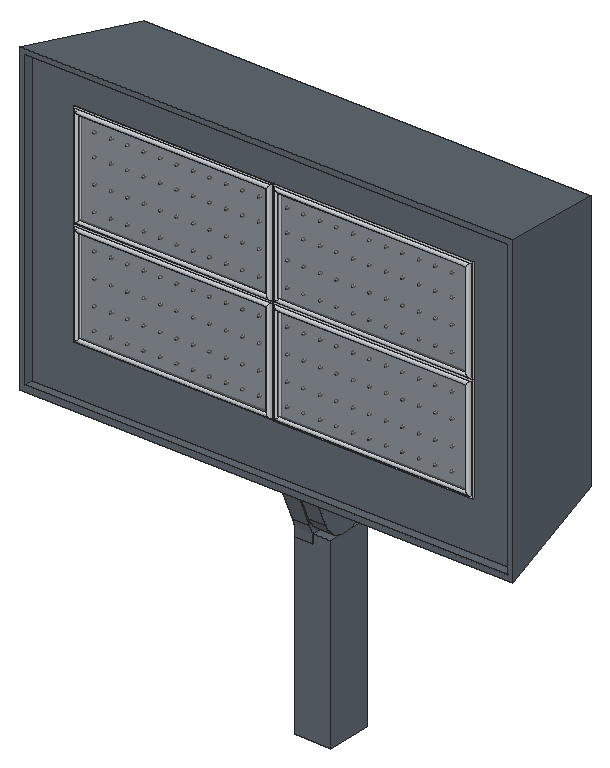
Revit family "RFL4", category Lighting Fixtures, host Face, Revit 2014 (continued)
Definition of nested family "RFL"
  Automatic sketch dimensions
    plane 1 "Center (Front/Back)" to Revolve 169 sketch curve = 1.56366"
    Revolve 169 sketch curve to Revolve 169 sketch curve = 0.03589"
    Revolve 169 sketch curve to Revolve 169 sketch curve = 0.04501"
    plane 3 "Center (Left/Right)" to Revolve 169 sketch curve = 2.69564"
    Revolve 169 sketch curve to Revolve 169 sketch curve = 0.35913"
    Revolve 169 sketch curve to Revolve 169 sketch curve = 0.26429"
    Revolve 169 sketch curve to Revolve 169 sketch curve = 0.000"
    plane 1 "Center (Front/Back)" to Revolve 170 sketch curve = 1.56366"
    Revolve 170 sketch curve to Revolve 170 sketch curve = 0.03589"
    Revolve 170 sketch curve to Revolve 170 sketch curve = 0.04501"
    plane 3 "Center (Left/Right)" to Revolve 170 sketch curve = 2.69564"
    Revolve 170 sketch curve to Revolve 170 sketch curve = 0.35913"
    Revolve 170 sketch curve to Revolve 170 sketch curve = 0.26429"
    Revolve 170 sketch curve to Revolve 170 sketch curve = 0.000"
    plane 1 "Center (Front/Back)" to Revolve 171 sketch curve = 1.56366"
    Revolve 171 sketch curve to Revolve 171 sketch curve = 0.03589"
    Revolve 171 sketch curve to Revolve 171 sketch curve = 0.04501"
    plane 3 "Center (Left/Right)" to Revolve 171 sketch curve = 2.69564"
    Revolve 171 sketch curve to Revolve 171 sketch curve = 0.35913"
    Revolve 171 sketch curve to Revolve 171 sketch curve = 0.26429"
    Revolve 171 sketch curve to Revolve 171 sketch curve = 0.000"
    plane 1 "Center (Front/Back)" to Revolve 172 sketch curve = 1.56366"
    Revolve 172 sketch curve to Revolve 172 sketch curve = 0.03589"
    Revolve 172 sketch curve to Revolve 172 sketch curve = 0.04501"
    plane 3 "Center (Left/Right)" to Revolve 172 sketch curve = 2.23542"
    Revolve 172 sketch curve to Revolve 172 sketch curve = 0.35913"
    Revolve 172 sketch curve to Revolve 172 sketch curve = 0.26429"
    Revolve 172 sketch curve to Revolve 172 sketch curve = 0.000"
    plane 1 "Center (Front/Back)" to Revolve 173 sketch curve = 1.56366"
    Revolve 173 sketch curve to Revolve 173 sketch curve = 0.03589"
    Revolve 173 sketch curve to Revolve 173 sketch curve = 0.04501"
    plane 3 "Center (Left/Right)" to Revolve 173 sketch curve = 2.23542"
    Revolve 173 sketch curve to Revolve 173 sketch curve = 0.35913"
    Revolve 173 sketch curve to Revolve 173 sketch curve = 0.26429"
    Revolve 173 sketch curve to Revolve 173 sketch curve = 0.000"
    plane 1 "Center (Front/Back)" to Revolve 174 sketch curve = 1.56366"
    Revolve 174 sketch curve to Revolve 174 sketch curve = 0.03589"
    Revolve 174 sketch curve to Revolve 174 sketch curve = 0.04501"
    plane 3 "Center (Left/Right)" to Revolve 174 sketch curve = 2.23542"
    Revolve 174 sketch curve to Revolve 174 sketch curve = 0.35913"
    Revolve 174 sketch curve to Revolve 174 sketch curve = 0.26429"
    Revolve 174 sketch curve to Revolve 174 sketch curve = 0.000"
    plane 1 "Center (Front/Back)" to Revolve 175 sketch curve = 1.56366"
    Revolve 175 sketch curve to Revolve 175 sketch curve = 0.03589"
    Revolve 175 sketch curve to Revolve 175 sketch curve = 0.04501"
    plane 3 "Center (Left/Right)" to Revolve 175 sketch curve = 2.23542"
    Revolve 175 sketch curve to Revolve 175 sketch curve = 0.35913"
    Revolve 175 sketch curve to Revolve 175 sketch curve = 0.26429"
    Revolve 175 sketch curve to Revolve 175 sketch curve = 0.000"
    plane 1 "Center (Front/Back)" to Revolve 176 sketch curve = 1.56366"
    Revolve 176 sketch curve to Revolve 176 sketch curve = 0.03589"
    Revolve 176 sketch curve to Revolve 176 sketch curve = 0.04501"
    plane 3 "Center (Left/Right)" to Revolve 176 sketch curve = 1.77521"
    Revolve 176 sketch curve to Revolve 176 sketch curve = 0.35913"
    Revolve 176 sketch curve to Revolve 176 sketch curve = 0.26429"
    Revolve 176 sketch curve to Revolve 176 sketch curve = 0.000"
    plane 1 "Center (Front/Back)" to Revolve 177 sketch curve = 1.56366"
    Revolve 177 sketch curve to Revolve 177 sketch curve = 0.03589"
    Revolve 177 sketch curve to Revolve 177 sketch curve = 0.04501"
    plane 3 "Center (Left/Right)" to Revolve 177 sketch curve = 1.77521"
    Revolve 177 sketch curve to Revolve 177 sketch curve = 0.35913"
    Revolve 177 sketch curve to Revolve 177 sketch curve = 0.26429"
    Revolve 177 sketch curve to Revolve 177 sketch curve = 0.000"
    plane 1 "Center (Front/Back)" to Revolve 178 sketch curve = 1.56366"
    Revolve 178 sketch curve to Revolve 178 sketch curve = 0.03589"
    Revolve 178 sketch curve to Revolve 178 sketch curve = 0.04501"
    plane 3 "Center (Left/Right)" to Revolve 178 sketch curve = 1.77521"
    Revolve 178 sketch curve to Revolve 178 sketch curve = 0.35913"
    Revolve 178 sketch curve to Revolve 178 sketch curve = 0.26429"
    Revolve 178 sketch curve to Revolve 178 sketch curve = 0.000"
    plane 1 "Center (Front/Back)" to Revolve 179 sketch curve = 1.56366"
    Revolve 179 sketch curve to Revolve 179 sketch curve = 0.03589"
    Revolve 179 sketch curve to Revolve 179 sketch curve = 0.04501"
    plane 3 "Center (Left/Right)" to Revolve 179 sketch curve = 1.77521"
    Revolve 179 sketch curve to Revolve 179 sketch curve = 0.35913"
    Revolve 179 sketch curve to Revolve 179 sketch curve = 0.26429"
    Revolve 179 sketch curve to Revolve 179 sketch curve = 0.000"
    plane 1 "Center (Front/Back)" to Revolve 180 sketch curve = 1.56366"
    Revolve 180 sketch curve to Revolve 180 sketch curve = 0.03589"
    Revolve 180 sketch curve to Revolve 180 sketch curve = 0.04501"
    plane 3 "Center (Left/Right)" to Revolve 180 sketch curve = 1.31499"
    Revolve 180 sketch curve to Revolve 180 sketch curve = 0.35913"
    Revolve 180 sketch curve to Revolve 180 sketch curve = 0.26429"
    Revolve 180 sketch curve to Revolve 180 sketch curve = 0.000"
    plane 1 "Center (Front/Back)" to Revolve 181 sketch curve = 1.56366"
    Revolve 181 sketch curve to Revolve 181 sketch curve = 0.03589"
    Revolve 181 sketch curve to Revolve 181 sketch curve = 0.04501"
    plane 3 "Center (Left/Right)" to Revolve 181 sketch curve = 1.31499"
    Revolve 181 sketch curve to Revolve 181 sketch curve = 0.35913"
    Revolve 181 sketch curve to Revolve 181 sketch curve = 0.26429"
    Revolve 181 sketch curve to Revolve 181 sketch curve = 0.000"
    plane 1 "Center (Front/Back)" to Revolve 182 sketch curve = 1.56366"
    Revolve 182 sketch curve to Revolve 182 sketch curve = 0.03589"
    Revolve 182 sketch curve to Revolve 182 sketch curve = 0.04501"
    plane 3 "Center (Left/Right)" to Revolve 182 sketch curve = 1.31499"
    Revolve 182 sketch curve to Revolve 182 sketch curve = 0.35913"
    Revolve 182 sketch curve to Revolve 182 sketch curve = 0.26429"
    Revolve 182 sketch curve to Revolve 182 sketch curve = 0.000"
    plane 1 "Center (Front/Back)" to Revolve 183 sketch curve = 1.56366"
    Revolve 183 sketch curve to Revolve 183 sketch curve = 0.03589"
    Revolve 183 sketch curve to Revolve 183 sketch curve = 0.04501"
    plane 3 "Center (Left/Right)" to Revolve 183 sketch curve = 1.31499"
    Revolve 183 sketch curve to Revolve 183 sketch curve = 0.35913"
    Revolve 183 sketch curve to Revolve 183 sketch curve = 0.26429"
    Revolve 183 sketch curve to Revolve 183 sketch curve = 0.000"
    plane 1 "Center (Front/Back)" to Revolve 184 sketch curve = 1.56366"
    Revolve 184 sketch curve to Revolve 184 sketch curve = 0.03589"
    Revolve 184 sketch curve to Revolve 184 sketch curve = 0.04501"
    plane 3 "Center (Left/Right)" to Revolve 184 sketch curve = 0.85478"
    Revolve 184 sketch curve to Revolve 184 sketch curve = 0.35913"
    Revolve 184 sketch curve to Revolve 184 sketch curve = 0.26429"
    Revolve 184 sketch curve to Revolve 184 sketch curve = 0.000"
    plane 1 "Center (Front/Back)" to Revolve 185 sketch curve = 1.56366"
    Revolve 185 sketch curve to Revolve 185 sketch curve = 0.03589"
    Revolve 185 sketch curve to Revolve 185 sketch curve = 0.04501"
    plane 3 "Center (Left/Right)" to Revolve 185 sketch curve = 0.85478"
    Revolve 185 sketch curve to Revolve 185 sketch curve = 0.35913"
    Revolve 185 sketch curve to Revolve 185 sketch curve = 0.26429"
    Revolve 185 sketch curve to Revolve 185 sketch curve = 0.000"
    plane 1 "Center (Front/Back)" to Revolve 186 sketch curve = 1.56366"
    Revolve 186 sketch curve to Revolve 186 sketch curve = 0.03589"
    Revolve 186 sketch curve to Revolve 186 sketch curve = 0.04501"
    plane 3 "Center (Left/Right)" to Revolve 186 sketch curve = 0.85478"
    Revolve 186 sketch curve to Revolve 186 sketch curve = 0.35913"
    Revolve 186 sketch curve to Revolve 186 sketch curve = 0.26429"
    Revolve 186 sketch curve to Revolve 186 sketch curve = 0.000"
    plane 1 "Center (Front/Back)" to Revolve 187 sketch curve = 1.56366"
    Revolve 187 sketch curve to Revolve 187 sketch curve = 0.03589"
    Revolve 187 sketch curve to Revolve 187 sketch curve = 0.04501"
    plane 3 "Center (Left/Right)" to Revolve 187 sketch curve = 0.85478"
    Revolve 187 sketch curve to Revolve 187 sketch curve = 0.35913"
    Revolve 187 sketch curve to Revolve 187 sketch curve = 0.26429"
    Revolve 187 sketch curve to Revolve 187 sketch curve = 0.000"
    level to Extrusion 1 sketch curve = 0.18105"
    Extrusion 1 sketch curve to Extrusion 1 sketch curve = 1.90252"
